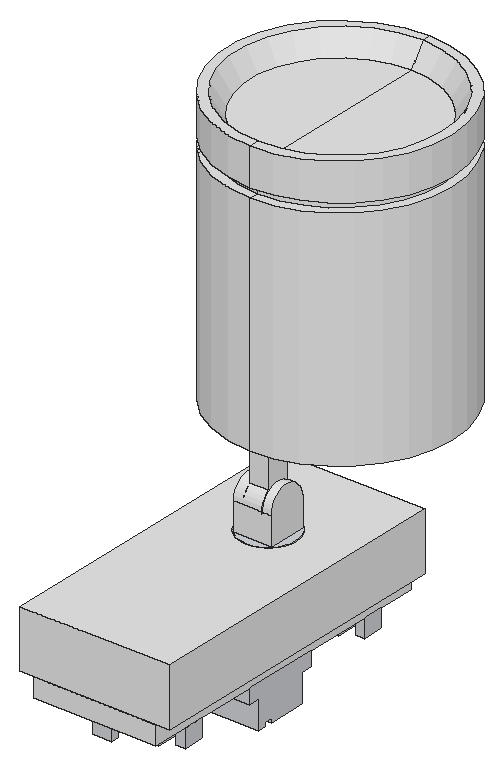
Revit family "63_PHILIPS_StyliD_Evo_Performance_Maxos_fusion_ST780S_3D", category Lighting Fixtures, host Face, Revit 2016
Family settings
  Host = Face
  Part Type = Normal
  Round Connector Dimension = Use Diameter
  Cut with Voids When Loaded = No
  Light Source = No
  Shared = No
  Room Calculation Point = No
Parameters (values of type "Type catalog")
  Voltage (V) = ""
  Visibility 2D symbol [instance] = not(Visibility 2D outline)  # yes
  Visibility 2D outline [instance] = no
  Rotation XZ = 0.00°
  Rotation XY = 90.00°
  Product catalog - URL = "PRODUCT URL"
  Order code = "ORDER CODE"
  Offset = 1 mm
  Length = 146 mm
  Last IES update = "DATE"
  Height = 275 mm
  Fixture code = "FIXTURE CODE"
  ETIM code URL = "https://prod.etim-international.com/Class/Details?classId=EC001744&classVersion=7"
  ETIM code = "EC001744"
  EOC = "EOC CODE"
  Diameter = 120 mm
  Content version = "1.0"
  Content modified date = "DATE"
  Content creation date = "28-03-2019"
  Constraint XZ = if(Rotation XZ < 0.00°, 0.00°, if(Rotation XZ > 355.00°, 355.00°, Rotation XZ))  # 0.00°
  Constraint XY = if(Rotation XY < 15.00°, 15.00°, if(Rotation XY > 140.00°, 140.00°, Rotation XY))  # 90.00°
  Connector width = 80 mm
  Wattage Comments = ""
  URL = "http://www.lighting.philips.com/home"
  Type Comments = "Track Mount"
  Model = "ST780S"
  Manufacturer = "Philips"
  Light loss factor = ""
  Lamp = ""
  Initial luminous flux (lm) = ""
  Init. Corr. Color Temperature (K) = ""
  Description = "StyliD Evo"
  Default Elevation = 0 mm
  Content Creator = "https://www.cadac.com/bimcontent"
  Connector height = 54 mm
  Conector length = 170 mm
  BIM Library - URL = "http://www.lighting.philips.com/main/support/support/revit-library#page=1"
  Assembly Code = ""
  Armatuurcode [instance] = ""
  Apparent Load = 0 VA
  12NC = "12NC CODE"
Reference planes
  plane 1 "Center (Front/Back)": y = 0
  plane 2: z = 0
  plane 3 "Center (Left/Right)": x = 0
  plane 4 "Cadac Group AEC": y = 15
  plane 5: z = 171
  plane 6: z = -53
  plane 7: z = 1
  plane 8: x = -40
  plane 9: y = -175
  plane 10: y = -49.5
  plane 11: x = 40
  plane 12: z = 125.635
  plane 13: z = 42
Lines and regions (mm)
  reference lines
    curve 1: line (0, -49.5, 42) -> (0, -230.226, 42)
Dimensions and locks
  "Connector height": plane 6 to plane 7
  equal spacing: plane 8, plane 3 "Center (Left/Right)", plane 11
  "Connector width": plane 8 to plane 11
  "Offset": plane 2 to plane 7
  "Conector length": plane 7 to plane 5
  plane 9 to plane 1 "Center (Front/Back)" = 175 mm
  locked: plane 10 to curve 1 at 0
  locked: plane 3 "Center (Left/Right)" to curve 1
  "Constraint XZ": angle curve 1 to plane 3 "Center (Left/Right)"
  aligned and locked: plane 2 to host face
  aligned and locked: level to host face
Automatic sketch dimensions
  host sketch curve to host sketch curve = 727.065 mm
  host sketch curve to host sketch curve = 619.519 mm
Nested families
  nested 1: "63_PHILIPS_Trackmount_Compact" at (0, -80, 1), type "geometry"
  nested 2: "63_PHILIPS_Spot_StyliD" at (0, -49.5, 42) x (0, -1, 0) z (0, 0, -1), rotation angle ZX <- "Constraint XY", type "Spot"
    with rotation angle ZX 90.00°, spot offset 29 mm, height spot 146 mm, Radius 60 mm
  nested 3: "2D-PL-Rechthoekig" at (0, -80, 0) x (0, 1, 0) z (0, 0, 1), Width <- "Connector width", lengte <- "Conector length", visible <- "Visibility 2D outline", type "2D symbool"
    with lengte 170 mm, Width 80 mm
  nested 4: "2D-PL-Rond + symbool + peil" at (0, -1.5, 0) x (-1, 0, 0) z (0, 0, 1), Diameters <- "Diameter", Rotation XY <- "Constraint XZ", visible <- "Visibility 2D symbol", type "2D symbool"
    with radius 60 mm, Rotation XY 0.00°, Diameters 120 mm
  nested 5: "2D-PL-peil" at (0, -1.5, 0) x (0, 1, 0) z (0, 0, 1), type "2D symbool"
Connectors
  electrical at (0, -80, 1), driven by "Apparent Load"
    settings: on nested 1, index 1, voltage 0 V, apparent load 0 VA, apparent load phase1 0 VA, apparent load phase2 0 VA, apparent load phase3 0 VA, power factor 1, load classification "Other", number of poles 1, system type 31, power factor state 1, is connector primary yes, connector utility no, sub classification motor no, connector description ""
Definition of nested family "63_PHILIPS_Trackmount_Compact"
  Parameters (values of type "geometry")
    width = 80 mm
    light source = 2 mm
    length = 170 mm
    height = 10 mm
    algemeen_leverancier = ""
    algemeen_code = ""
    algemeen_URL = ""
    Type Comments = ""
    Model = ""
    Manufacturer = "Philips"
    Diameter pole = 30 mm
    Lamp = ""
    Description = ""
  Reference planes
    plane 1 "Center (Front/Back)": y = 0
    plane 2: z = 41
    plane 3 "Center (Left/Right)": x = 0
    plane 4 "Blend 4": z = 0
    plane 5: x = -40
    plane 6: x = 40
    plane 7: y = 85
    plane 8: y = -85
    plane 9: z = 10
    plane 10: z = 10
    plane 11: x = -32.5
    plane 12: x = 32.5
    plane 13: y = 80
    plane 14: y = -80
  Forms (mm)
    Extrusion 1, solid
      sketch origin (0, 0, -197) x (0, 1, 0) y (-1, 0, 0)
        loop
          line (-85, 40) -> (-85, -40) -> (85, -40) -> (85, 40) -> (-85, 40)
      from 238 to 207
    Extrusion 2, solid
      sketch origin (0, 0, 10) x (0, 1, 0) y (-1, 0, 0)
        loop
          line (85, 32.5) -> (-85, 32.5) -> (-85, -32.5) -> (85, -32.5) -> (85, 32.5)
      from 0 to -10
    Extrusion 3, void
      sketch origin (0, 0, 0) x (1, 0, 0) y (0, 1, 0)
        loop
          circle (0, 30.5) r 15
      from 36 to 41
    Extrusion 4, solid
      sketch origin (0, -141.797, 0) x (0, 1, 0) y (0, 0, 1)
        loop
          line (61.797, 0) -> (61.797, -10) -> (65.797, -10) -> (65.797, -2) -> (71.398, -10) -> (84.398, -10) -> (92.398, -10) -> (98, -2) -> (98, -10) -> (102, -10) -> (102, 0) -> (61.797, 0)
      from 32.5 to -32.5
    Extrusion 5, solid
      sketch origin (0, -20.297, 0) x (0, 1, 0) y (0, 0, 1)
        loop
          line (38.797, 0) -> (-2.203, 0) -> (-2.203, -8) -> (3.797, -8) -> (3.797, -23) -> (7.797, -23) -> (7.797, -21) -> (12.797, -21) -> (12.797, -23) -> (32.797, -23) -> (32.797, -8) -> (38.797, -8) -> (38.797, 0)
      from 32.5 to -32.5
    Extrusion 6, void
      sketch origin (0, 0, 0) x (1, 0, 0) y (0, 1, 0)
        loop
          line (-32.5, -39.797) -> (-32.5, -54.397) -> (-22.5, -54.397) -> (-22.5, -49.398) -> (-5, -49.398) -> (-5, -39.797) -> (-22.5, -39.797) -> (-32.5, -39.797)
        loop
          line (-32.5, -65.4) -> (-32.5, -80) -> (-22.5, -80) -> (-5, -80) -> (-5, -70.398) -> (-22.5, -70.398) -> (-22.5, -65.4) -> (-32.5, -65.4)
        loop
          line (22.5, -65.4) -> (22.5, -70.398) -> (5, -70.398) -> (5, -80) -> (22.5, -80) -> (32.5, -80) -> (32.5, -65.4) -> (22.5, -65.4)
        loop
          line (22.5, -39.797) -> (5, -39.797) -> (5, -49.398) -> (22.5, -49.398) -> (22.5, -54.397) -> (32.5, -54.397) -> (32.5, -39.797) -> (22.5, -39.797)
      from 0 to -23
    Extrusion 7, void
      sketch origin (0, 0, 0) x (1, 0, 0) y (0, 1, 0)
        loop
          line (-22.5, -49.398) -> (-27.5, -49.398) -> (-27.5, -70.398) -> (-22.5, -70.398) -> (-22.5, -49.398)
        loop
          line (27.5, -49.398) -> (22.5, -49.398) -> (22.5, -70.398) -> (27.5, -70.398) -> (27.5, -49.398)
      from -2 to -23
    Extrusion 8, solid
      sketch origin (0, -22, 0) x (0, 1, 0) y (0, 0, 1)
        loop
          line (61.797, 0) -> (61.797, -10) -> (65.797, -10) -> (65.797, -2) -> (71.398, -10) -> (84.398, -10) -> (92.398, -10) -> (98, -2) -> (98, -10) -> (102, -10) -> (102, 0) -> (61.797, 0)
      from 32.5 to -32.5
    Extrusion 9, void
      sketch origin (0, 119.797, 0) x (1, 0, 0) y (0, 1, 0)
        loop
          line (-32.5, -39.797) -> (-32.5, -54.397) -> (-22.5, -54.397) -> (-22.5, -49.398) -> (-5, -49.398) -> (-5, -39.797) -> (-22.5, -39.797) -> (-32.5, -39.797)
        loop
          line (-32.5, -65.4) -> (-32.5, -80) -> (-22.5, -80) -> (-5, -80) -> (-5, -70.398) -> (-22.5, -70.398) -> (-22.5, -65.4) -> (-32.5, -65.4)
        loop
          line (22.5, -65.4) -> (22.5, -70.398) -> (5, -70.398) -> (5, -80) -> (22.5, -80) -> (32.5, -80) -> (32.5, -65.4) -> (22.5, -65.4)
        loop
          line (22.5, -39.797) -> (5, -39.797) -> (5, -49.398) -> (22.5, -49.398) -> (22.5, -54.397) -> (32.5, -54.397) -> (32.5, -39.797) -> (22.5, -39.797)
      from 0 to -23
    Extrusion 10, void
      sketch origin (0, 124.797, 0) x (1, 0, 0) y (0, 1, 0)
        loop
          line (-22.5, -49.398) -> (-27.5, -49.398) -> (-27.5, -70.398) -> (-22.5, -70.398) -> (-22.5, -49.398)
        loop
          line (27.5, -49.398) -> (22.5, -49.398) -> (22.5, -70.398) -> (27.5, -70.398) -> (27.5, -49.398)
      from -2 to -23
  Cuts and joins
    Extrusion 3, Extrusion 6, Extrusion 7 cuts Extrusion 1
    Extrusion 3, Extrusion 6, Extrusion 7, Extrusion 9 cuts Extrusion 2
    Extrusion 6, Extrusion 7, Extrusion 9, Extrusion 10 cuts Extrusion 4
    Extrusion 9, Extrusion 10 cuts Extrusion 8
  Dimensions and locks
    "height": plane 9 to level
    equal spacing: plane 7, plane 1 "Center (Front/Back)", plane 8
    "length": plane 7 to plane 8
    equal spacing: plane 5, plane 3 "Center (Left/Right)", plane 6
    "width": plane 5 to plane 6
    locked: plane 5 to plane 11 at 7.5
    locked: plane 12 to plane 6 at 7.5
    plane 2 to plane 9 = 31 mm
    aligned and locked: plane 8 to Extrusion 1 sketch curve
    aligned and locked: plane 5 to Extrusion 1 sketch curve
    aligned and locked: Extrusion 1 sketch curve to plane 6
    aligned and locked: plane 9 to Extrusion 2
    aligned and locked: Extrusion 3 to plane 2
    aligned and locked: plane 9 to cut or joined group of Extrusion 1, Extrusion 3, Extrusion 6, Extrusion 7
    aligned and locked: cut or joined group of Extrusion 1, Extrusion 3, Extrusion 6, Extrusion 7 to plane 2
    aligned and locked: plane 8 to cut or joined group of Extrusion 2, Extrusion 3, Extrusion 6, Extrusion 7, Extrusion 9
    aligned and locked: cut or joined group of Extrusion 2, Extrusion 3, Extrusion 6, Extrusion 7, Extrusion 9 to plane 7
    aligned and locked: cut or joined group of Extrusion 1, Extrusion 3, Extrusion 6, Extrusion 7 to plane 7
    aligned and locked: Extrusion 2 to plane 11
    aligned and locked: Extrusion 2 to plane 12
  Automatic sketch dimensions
    plane 7 to Extrusion 1 sketch curve = 0 mm
    Extrusion 2 sketch curve to Extrusion 1 = 0 mm
    Extrusion 1 to Extrusion 2 sketch curve = 0 mm
    Extrusion 1 to Extrusion 2 sketch curve = 7.5 mm  (x2)
    Extrusion 3 sketch curve to plane 3 "Center (Left/Right)" = 0 mm
    Extrusion 3 sketch curve to plane 1 "Center (Front/Back)" = 30.5 mm
    Extrusion 4 sketch curve to level = 0 mm
    Extrusion 4 sketch curve to plane 14 = 0 mm
    plane 14 to Extrusion 4 sketch curve = 4 mm
    Extrusion 4 sketch curve to Extrusion 4 sketch curve = 5.602 mm  (x2)
    Extrusion 4 sketch curve to Extrusion 4 sketch curve = 13 mm
    Extrusion 4 sketch curve to Extrusion 4 sketch curve = 8 mm  (x2)
    Extrusion 4 sketch curve to level = 2 mm  (x2)
    Extrusion 4 sketch curve to Extrusion 4 sketch curve = 4 mm
    Extrusion 4 sketch curve to level = 10 mm
    Extrusion 4 sketch curve to Extrusion 4 sketch curve = 0 mm
    Extrusion 6 sketch curve to plane 11 = 0 mm  (x2)
    Extrusion 6 sketch curve to plane 14 = 0 mm  (x2)
    Extrusion 6 sketch curve to plane 12 = 0 mm  (x2)
    Extrusion 6 sketch curve to Extrusion 6 sketch curve = 10 mm  (x4)
    Extrusion 6 sketch curve to Extrusion 6 sketch curve = 0 mm  (x4)
    Extrusion 6 sketch curve to plane 3 "Center (Left/Right)" = 5 mm  (x2)
    plane 3 "Center (Left/Right)" to Extrusion 6 sketch curve = 5 mm  (x2)
    Extrusion 6 sketch curve to Extrusion 6 sketch curve = 9.602 mm  (x3)
    plane 14 to Extrusion 6 sketch curve = 9.602 mm
    Extrusion 6 sketch curve to Extrusion 6 sketch curve = 4.998 mm  (x4)
    Extrusion 6 sketch curve to Extrusion 6 sketch curve = 11.003 mm  (x2)
    plane 11 to Extrusion 7 sketch curve = 5 mm
    Extrusion 7 sketch curve to Extrusion 7 sketch curve = 5 mm  (x2)
    plane 12 to Extrusion 7 sketch curve = 10 mm
    plane 14 to Extrusion 7 sketch curve = 9.602 mm  (x2)
    Extrusion 7 sketch curve to Extrusion 7 sketch curve = 21 mm  (x2)
    Extrusion 8 sketch curve to level = 0 mm
    plane 7 to Extrusion 8 sketch curve = 5 mm
    Extrusion 8 sketch curve to plane 13 = 4 mm
    Extrusion 8 sketch curve to plane 13 = 9.602 mm
    Extrusion 8 sketch curve to Extrusion 8 sketch curve = 8 mm  (x2)
    Extrusion 8 sketch curve to Extrusion 8 sketch curve = 13 mm
    Extrusion 8 sketch curve to Extrusion 8 sketch curve = 5.602 mm
    Extrusion 8 sketch curve to Extrusion 8 sketch curve = 4 mm
    Extrusion 8 sketch curve to level = 2 mm  (x2)
    Extrusion 8 sketch curve to level = 10 mm
    Extrusion 8 sketch curve to Extrusion 8 sketch curve = 0 mm
    plane 7 to Extrusion 9 sketch curve = 5 mm  (x2)
    Extrusion 9 sketch curve to plane 11 = 0 mm  (x2)
    Extrusion 9 sketch curve to plane 12 = 0 mm  (x2)
    Extrusion 9 sketch curve to Extrusion 9 sketch curve = 10 mm  (x4)
    Extrusion 9 sketch curve to Extrusion 9 sketch curve = 0 mm  (x4)
    Extrusion 9 sketch curve to plane 3 "Center (Left/Right)" = 5 mm  (x2)
    plane 3 "Center (Left/Right)" to Extrusion 9 sketch curve = 5 mm  (x2)
    Extrusion 9 sketch curve to plane 13 = 9.602 mm  (x2)
    Extrusion 9 sketch curve to plane 13 = 14.6 mm  (x2)
    Extrusion 9 sketch curve to Extrusion 9 sketch curve = 11.003 mm  (x2)
    Extrusion 9 sketch curve to Extrusion 9 sketch curve = 4.998 mm  (x2)
    Extrusion 9 sketch curve to Extrusion 9 sketch curve = 9.602 mm  (x2)
    plane 11 to Extrusion 10 sketch curve = 5 mm
    Extrusion 10 sketch curve to Extrusion 10 sketch curve = 5 mm  (x2)
    plane 12 to Extrusion 10 sketch curve = 10 mm
    Extrusion 10 sketch curve to plane 13 = 25.602 mm  (x2)
    Extrusion 10 sketch curve to plane 13 = 4.602 mm  (x2)
    Extrusion 5 sketch curve to level = 0 mm
    plane 1 "Center (Front/Back)" to Extrusion 5 sketch curve = 22.5 mm
    Extrusion 5 sketch curve to Extrusion 5 sketch curve = 6 mm  (x2)
    plane 1 "Center (Front/Back)" to Extrusion 5 sketch curve = 12.5 mm
    plane 1 "Center (Front/Back)" to Extrusion 5 sketch curve = 7.5 mm
    Extrusion 5 sketch curve to plane 1 "Center (Front/Back)" = 12.5 mm
    Extrusion 5 sketch curve to level = 8 mm  (x2)
    Extrusion 5 sketch curve to Extrusion 5 sketch curve = 13 mm
    Extrusion 5 sketch curve to Extrusion 5 sketch curve = 2 mm  (x2)
    radius of Extrusion 3 sketch curve = 15 mm
Definition of nested family "63_PHILIPS_Spot_StyliD"
  Parameters (values of type "Spot")
    spot offset = 30 mm
    rotation angle ZX [instance] = 90.00°
    height spot top = 55 mm
    height spot middle = 10 mm
    height spot = 125 mm
    Radius = 45 mm
    ceiling thickness = 12.5 mm
    Wattage Comments = ""
    URL = "http://www.ecat.lighting.philips.com/l"
    Type Comments = "surface mounted"
    Model = "XXX RS530B"
    Manufacturer = "Philips"
    Description = "XXX LuxSpace"
    Default Elevation = 2800 mm
    Assembly Code = ""
  Reference planes
    plane 1 "Center (Front/Back)": y = 0
    plane 2: z = 0
    plane 3 "Center (Left/Right)": x = 0
    plane 4 "Cadac Group AEC": y = 0
    plane 5: z = 12.5
    plane 6: z = 12.5
    plane 7: z = -14
    plane 8: z = -50
  Forms (mm)
    Extrusion 1, solid
      sketch origin (0, 0, 0) x (1, 0, 0) y (0, 1, 0)
        loop
          line (-350, 290) -> (-350, -329.519) -> (377.065, -329.519) -> (377.065, 290) -> (-350, 290)
      from 0 to 12.5 <- "ceiling thickness"
    Revolve 2, solid
      sketch origin (0, 0, -14) x (0, 0, -1) y (1, 0, 0)
        loop
          line (30, -33) -> (143.915, -33) -> (143.915, 0) -> (155, 7) -> (155, 12) -> (135, 12) -> (135, 7) -> (130, 7) -> (130, 12) -> (30, 12) -> (30, -33)
        axis (30, -33) -> (155, -33)
      angle from 0 to 360
    Extrusion 3, solid
      sketch origin (0, 0, -55) x (0, 0, -1) y (1, 0, 0)
        loop
          line (-11, -6) -> (-11, 6) -> (-31.642, 6)
          arc (-31.642, 6) -> (-50.288, 0) -> (-31.642, -6) r 10.288
          line (-31.642, -6) -> (-11, -6)
      from -5 to 5
    Extrusion 4, solid
      sketch origin (0, 0, -11) x (-1, 0, 0) y (0, 0, -1)
        loop
          line (-10.381, -11) -> (10.381, -11) -> (10.381, 4)
          arc (10.381, 4) -> (0, 14.381) -> (-10.381, 4) r 10.381
          line (-10.381, 4) -> (-10.381, -11)
      from 10 to -10
    Extrusion 5, solid
      sketch origin (0, 0, 0) x (1, 0, 0) y (0, 1, 0)
        loop
          circle (0, 0) r 15
      from 0 to 5
  Lines and regions (mm)
    reference lines
      curve 1: line (0, 0, -14) -> (0, 0, -144)
      curve 2: line (0, 0, -14) -> (-108, 0, -14)
      curve 3: line (12, 0, -169) -> (-108, 0, -169)
      curve 4: line (-108, 0, -169) -> (-108, 0, -14)
      curve 5: line (12, 0, -44) -> (-108, 0, -44)
      curve 6: line (12, 0, -14) -> (12, 0, -169)
      curve 7: line (-48, 0, -169) -> (-48, 0, -14)
  Dimensions and locks
    "spot offset": curve 2 to curve 5
    curve 1 to curve 6 = 12 mm
    plane 8 to Extrusion 1 = 50 mm
    curve 3 to Revolve 2 sketch curve = 11.085 mm
    Revolve 2 sketch curve to curve 6 = 5 mm
    Revolve 2 sketch curve to Revolve 2 sketch curve = 20 mm
    Revolve 2 sketch curve to Revolve 2 sketch curve = 12 mm
    Revolve 2 sketch curve to Revolve 2 sketch curve = 5 mm
    "height spot": Revolve 2 sketch curve to Revolve 2 sketch curve
    "height spot": curve 3 to curve 5
    "Radius": Revolve 2 sketch curve to Revolve 2 sketch curve
    "rotation angle ZX": angle curve 1 to plane 7
    aligned and locked: plane 2 to Extrusion 1
    aligned and locked: level to Extrusion 1
    aligned and locked: plane 4 "Cadac Group AEC" to plane 1 "Center (Front/Back)"
    aligned and locked: plane 3 "Center (Left/Right)" to curve 1
    aligned and locked: Revolve 2 sketch curve to Revolve 2 sketch curve
    aligned and locked: Revolve 2 sketch curve to curve 3
    aligned and locked: Revolve 2 sketch curve to curve 6  (x2)
  Automatic sketch dimensions
    Extrusion 1 sketch curve to Extrusion 1 sketch curve = 727.065 mm
    Extrusion 1 sketch curve to Extrusion 1 sketch curve = 619.519 mm
    Extrusion 4 sketch curve to level = 0 mm
    plane 7 to Extrusion 4 sketch curve = 1 mm
    Extrusion 4 sketch curve to plane 3 "Center (Left/Right)" = 0 mm
    plane 3 "Center (Left/Right)" to Extrusion 4 sketch curve = 10.381 mm
    plane 1 "Center (Front/Back)" to Extrusion 5 sketch curve = 0 mm
    Extrusion 5 sketch curve to plane 3 "Center (Left/Right)" = 0 mm
    curve 1 to Extrusion 3 sketch curve = 0 mm
    curve 1 to Extrusion 3 sketch curve = 9.358 mm  (x2)
    curve 1 to Extrusion 3 sketch curve = 6 mm
    curve 1 to Extrusion 3 sketch curve = 1 mm
    Extrusion 3 sketch curve to Extrusion 3 sketch curve = 20.642 mm
    curve 1 to plane 7 = 0 mm
    curve 2 to curve 1 = 0 mm  (x2)
    curve 6 to curve 1 = 0 mm
    curve 2 to curve 1 = 108 mm
    curve 7 to curve 1 = 48 mm
    Revolve 2 sketch curve to curve 1 = 0 mm
    Revolve 2 sketch curve to Revolve 2 sketch curve = 5 mm
    Revolve 2 sketch curve to Revolve 2 sketch curve = 12.347 mm
    radius of Extrusion 5 sketch curve = 15 mm
  Connectors
    electrical at (0, 0, 0)
      settings: index 1, voltage 230 V, apparent load 0 VA, apparent load phase1 18 VA, apparent load phase2 0 VA, apparent load phase3 0 VA, power factor 1, load classification none, number of poles 1, system type 31, power factor state 1, is connector primary yes, connector utility no, sub classification motor no, connector description ""
Definition of nested family "2D-PL-Rechthoekig"
  Parameters (values of type "2D symbool")
    lengte [instance] = 1200 mm
    Width [instance] = 100 mm
    Type Comments = "GEEN CALCULATIEOBJECT"
    Manufacturer = ""
    Description = "Armatuur 2D symbool"
    Copyright © Cadac = "www.cadac.com/aec"
    Cadac content versie = ""
    Assembly Code = ""
  Reference planes
    plane 1 "Center (Front/Back)": y = 0
    plane 2: z = 0
    plane 3 "Center (Left/Right)": x = 0
    plane 4: y = 150
    plane 5: y = -150
    plane 6: y = 176.777
    plane 7: x = -176.777
    plane 8: x = 176.777
    plane 9: y = -176.777
    plane 10 "Cadac Group AEC": y = 0
    plane 11: y = 400
    plane 12: y = -191.421
    plane 13: y = -206.066
    plane 14: y = -220.711
    plane 15: y = -235.355
  Lines and regions (mm)
    symbolic lines
      curve 1: line (600, 50, 0) -> (600, -50, 0)
      curve 2: line (-600, 50, 0) -> (-600, -50, 0)
      curve 3: line (-600, 50, 0) -> (600, 50, 0)
      curve 4: line (-600, -50, 0) -> (600, -50, 0)
  Dimensions and locks
    equal spacing: curve 2, plane 3 "Center (Left/Right)", curve 1
    "lengte": curve 2 to curve 1
    equal spacing: plane 5, plane 1 "Center (Front/Back)", plane 4
    locked: plane 4 to plane 5 at 300
    equal spacing: curve 4, plane 1 "Center (Front/Back)", curve 3
    "Width": curve 4 to curve 3
    locked: plane 7 to plane 8 at 353.553
    locked: plane 6 to plane 9 at 353.553
    equal spacing: plane 7, plane 3 "Center (Left/Right)", plane 8
    equal spacing: plane 6, plane 1 "Center (Front/Back)", plane 9
    locked: plane 1 "Center (Front/Back)" to plane 11 at 400
    equal spacing: plane 9, plane 12, plane 13, plane 14, plane 15
    locked: plane 9 to plane 15 at 58.579
    aligned and locked: plane 10 "Cadac Group AEC" to plane 1 "Center (Front/Back)"
Definition of nested family "2D-PL-Rond + symbool + peil"
  Parameters (values of type "2D symbool")
    radius [instance] = Diameters / 2  # 125 mm
    Visibility 2D symbol = yes
    Rotation XY [instance] = 70.00°
    Diameters [instance] = 250 mm
    Description = "Armatuur symbool"
    Copyright © Cadac = "www.cadac.com/aec"
    Cadac content versie = ""
    Assembly Code = ""
  Reference planes
    plane 1 "Center (Front/Back)": y = 0
    plane 2: z = 0
    plane 3 "Center (Left/Right)": x = 0
  Lines and regions (mm)
    symbolic lines
      curve 1: circle (0, 0, 0) r 125 normal (0, 0, 1)
    reference lines
      curve 2: line (0, 0, 0) -> (314.797, 114.577, 0)
  Dimensions and locks
    locked: plane 3 "Center (Left/Right)" to nested 2 at 0
    "Diameters": diameter of curve 1
    "Rotation XY": angle curve 2 to plane 3 "Center (Left/Right)"
    aligned and locked: plane 3 "Center (Left/Right)" to curve 2
    aligned and locked: plane 1 "Center (Front/Back)" to curve 2
    aligned and locked: nested 2 to curve 2
  Automatic sketch dimensions
    plane 1 "Center (Front/Back)" to curve 1 = 0 mm
    curve 1 to plane 3 "Center (Left/Right)" = 0 mm
  Nested families
    nested 1: "PL-opbouwarmatuur plafond rond" at (0, 0, 0), radius cirkel <- "radius", visible <- "Visibility 2D symbol", type "PL lichtpunt"
      with radius cirkel 125 mm, lengte symbool 162.5 mm, l1 140 mm, breedte symbool 150 mm, b1 52.5 mm, Diameters 250 mm
    nested 2: "2D-PL-peil" at (0, 0, 0) x (-0.9397, -0.342, 0) z (0, 0, 1), visible <- "Visibility 2D symbol", type "2D symbool"
  Definition of nested family "PL-opbouwarmatuur plafond rond"
    Parameters (values of type "PL lichtpunt")
      radius cirkel [instance] = 200 mm
      lengte symbool [instance] = 162.5 mm
      l1 [instance] = 140 mm
      breedte symbool [instance] = radius cirkel + 25 mm  # 225 mm
      b1 [instance] = 52.5 mm
      Diameters = 74 mm
      Description = "PL lichtpunt"
      Copyright © Cadac = "www.cadac.com/aec"
      Cadac content versie = "4.0"  # constant formula
      Assembly Code = ""
    Reference planes
      plane 1 "Center (Front/Back)": y = 0
      plane 2: z = 0
      plane 3 "Center (Left/Right)": x = 0
      plane 4: y = 112.5
      plane 5: y = -112.5
    Lines and regions (mm)
      symbolic lines
        curve 1: circle (0, 0, 0) r 200 normal (0, 0, 1)
        curve 2: line (-165.359, 112.5, 0) -> (165.359, -112.5, 0)
        curve 3: line (-165.359, -112.5, 0) -> (165.359, 112.5, 0)
    Dimensions and locks
      equal spacing: plane 4, plane 1 "Center (Front/Back)", plane 5
      "breedte symbool": plane 4 to plane 5
      "radius cirkel": radius of curve 1
      aligned and locked: plane 4 to curve 2
      aligned and locked: plane 4 to curve 3
      aligned and locked: plane 5 to curve 3
      aligned and locked: plane 5 to curve 2
    Automatic sketch dimensions
      plane 1 "Center (Front/Back)" to curve 1 = 0 mm
      curve 1 to plane 3 "Center (Left/Right)" = 0 mm
  Definition of nested family "2D-PL-peil"
    Parameters (values of type "2D symbool")
      lengte = 200 mm
      Type Comments = "GEEN CALCULATIEOBJECT"
      Peil lengte = 100 mm
      Manufacturer = ""
      Description = "Armatuur 2D symbool"
      Default Elevation = 1219.2 mm
      Copyright © Cadac = "www.cadac.com/aec"
      Cadac content versie = ""
      Assembly Code = ""
    Reference planes
      plane 1 "Center (Front/Back)": y = 0
      plane 2: z = 0
      plane 3 "Center (Left/Right)": x = 0
      plane 4: y = 150
      plane 5: y = -150
      plane 6: y = 176.777
      plane 7: x = -176.777
      plane 8: x = 176.777
      plane 9: y = -176.777
      plane 10: y = 400
      plane 11: y = -191.421
      plane 12: y = -206.066
      plane 13: y = -220.711
      plane 14: y = -235.355
    Lines and regions (mm)
      symbolic lines
        curve 1: line (-200, 0, 0) -> (0, 0, 0)
        curve 2: line (-200, 0, 0) -> (-121.849, 62.389, 0)
        curve 3: line (-200, 0, 0) -> (-121.849, -62.389, 0)
      reference lines
        curve 4: line (100, -50, 0) -> (-245, -50, 0)
    Dimensions and locks
      equal spacing: plane 5, plane 1 "Center (Front/Back)", plane 4
      locked: plane 4 to plane 5 at 300
      locked: plane 7 to plane 8 at 353.553
      locked: plane 6 to plane 9 at 353.553
      equal spacing: plane 7, plane 3 "Center (Left/Right)", plane 8
      equal spacing: plane 6, plane 1 "Center (Front/Back)", plane 9
      locked: plane 1 "Center (Front/Back)" to plane 10 at 400
      equal spacing: plane 9, plane 11, plane 12, plane 13, plane 14
      locked: plane 9 to plane 14 at 58.579
      "lengte": curve 1 to curve 1
      "Peil lengte": curve 2 to curve 2
      "Peil lengte": curve 3 to curve 3
    Automatic sketch dimensions
      curve 4 to plane 7 = 68.223 mm
      plane 1 "Center (Front/Back)" to curve 4 = 50 mm
      curve 4 to plane 8 = 76.777 mm
      plane 1 "Center (Front/Back)" to curve 3 = 0 mm
      curve 1 to plane 3 "Center (Left/Right)" = 0 mm
      plane 7 to curve 2 = 54.928 mm
      plane 7 to curve 3 = 54.928 mm
Definition of nested family "2D-PL-peil"
  Parameters (values of type "2D symbool")
    lengte = 200 mm
    Type Comments = "GEEN CALCULATIEOBJECT"
    Peil lengte = 100 mm
    Manufacturer = ""
    Description = "Armatuur 2D symbool"
    Default Elevation = 1219.2 mm
    Copyright © Cadac = "www.cadac.com/aec"
    Cadac content versie = ""
    Assembly Code = ""
  Reference planes
    plane 1 "Center (Front/Back)": y = 0
    plane 2: z = 0
    plane 3 "Center (Left/Right)": x = 0
    plane 4: y = 150
    plane 5: y = -150
    plane 6: y = 176.777
    plane 7: x = -176.777
    plane 8: x = 176.777
    plane 9: y = -176.777
    plane 10: y = 400
    plane 11: y = -191.421
    plane 12: y = -206.066
    plane 13: y = -220.711
    plane 14: y = -235.355
  Lines and regions (mm)
    symbolic lines
      curve 1: line (-200, 0, 0) -> (0, 0, 0)
      curve 2: line (-200, 0, 0) -> (-121.849, 62.389, 0)
      curve 3: line (-200, 0, 0) -> (-121.849, -62.389, 0)
    reference lines
      curve 4: line (100, -50, 0) -> (-245, -50, 0)
  Dimensions and locks
    equal spacing: plane 5, plane 1 "Center (Front/Back)", plane 4
    locked: plane 4 to plane 5 at 300
    locked: plane 7 to plane 8 at 353.553
    locked: plane 6 to plane 9 at 353.553
    equal spacing: plane 7, plane 3 "Center (Left/Right)", plane 8
    equal spacing: plane 6, plane 1 "Center (Front/Back)", plane 9
    locked: plane 1 "Center (Front/Back)" to plane 10 at 400
    equal spacing: plane 9, plane 11, plane 12, plane 13, plane 14
    locked: plane 9 to plane 14 at 58.579
    "lengte": curve 1 to curve 1
    "Peil lengte": curve 2 to curve 2
    "Peil lengte": curve 3 to curve 3
  Automatic sketch dimensions
    curve 4 to plane 7 = 68.223 mm
    plane 1 "Center (Front/Back)" to curve 4 = 50 mm
    curve 4 to plane 8 = 76.777 mm
    plane 1 "Center (Front/Back)" to curve 3 = 0 mm
    curve 1 to plane 3 "Center (Left/Right)" = 0 mm
    plane 7 to curve 2 = 54.928 mm
    plane 7 to curve 3 = 54.928 mm
